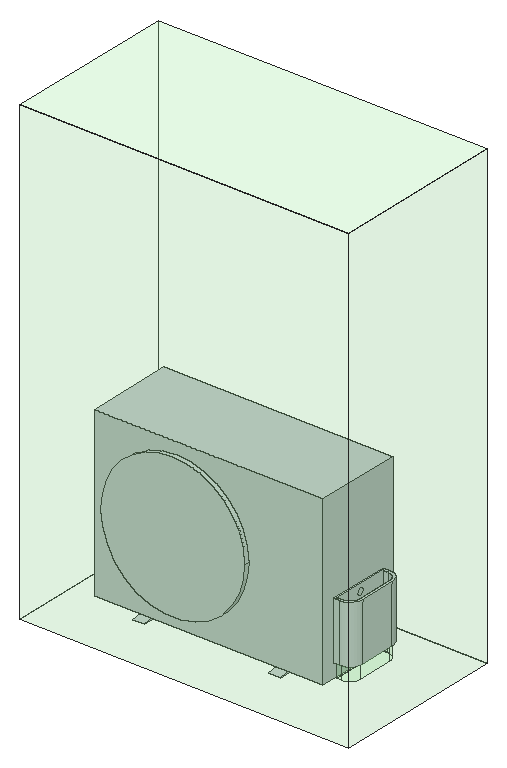
Revit family "BC_Hitachi_RAS2-2.5-HVNP1_LOD200", category Equipement de génie climatique, Revit 2016
Family settings
  Type d'élément = Normal
  Cote de connecteur circulaire = Utiliser le diamètre
  Numéro OmniClass = 23.75.00.00
  Titre OmniClass = Climate Control (HVAC)
  Basée sur le plan de construction = Non
  Toujours verticalement = Oui
  Couper avec des vides une fois chargée = Non
  Partagée = Non
  Point de calcul de pièce = Non
Parameters (values of type "RAS-2.5HVNP1")
  Sound power at rated load (dB(A)) = 63
  Product Code = "60288616"
  Overall Width = 792.00 mm
  Overall Height = 600.00 mm
  Overall Depth = 300.00 mm
  Number of Poles = "1"
  Nominal heating power input = 1.3 kW
  Nominal cooling power input = 1.22 kW
  Nominal Voltage = 230 V
  Nominal Current = 14 A
  Modèle = "Outdoor Unit - IVX Premium"
  Minimum AC Voltage = 207 V
  Maximum Input Power = 3.6 kW
  Maximum AC Voltage = 253 V
  Mass = 41.00 kg
  Liquid Diameter = 6.35 mm
  Heating Capacity = 6.3 kW
  Gas Diameter = 12.70 mm
  Frequency = 50 Hz
  Fan diameter = 500.00 mm
  Energy Efficiency Ratio (EER) = 4.18
  Sound pressure level heating (dB(A)) = "47"
  Sound pressure level Night mode cooling (dB(A)) = "43"
  Sound pressure level cooling (dB(A)) = "45"
  Service space [instance] = yes
  Running current heating = 5.9 A
  Running current cooling = 5.9 A
  Refrigerant charge = 1.60 kg
  Refrigerant = "R410A"
  Recommended circuit breaker = 20 A
  Nominal heating capacity (min) = 2.2 kW
  Nominal heating capacity (max) = 8 kW
  Nominal cooling capacity (min) = 2.2 kW
  Nominal cooling capacity (max) = 6.3 kW
  Minimum Connected Capacity (%) = "90"
  Maximum Connected Capacity (%) = "110"
  Maximum Air Flow = 40600.0 L/min
  Height Liquid pipe = 111.00 mm
  Height Gas pipe = 172.00 mm
  Fabricant = "HITACHI"
  Description = "The CENTRIFUGE IVX solution has been created for integrate this outdoor group inside the building"
  Cooling Capacity = 5.6 kW
  Commentaires du type = "RAS HVNP"
  Coefficient Of Performance (COP) = 4.92
Types (2, lengths in mm): name | Sound power at rated load (dB(A)) | Product Code | Nominal heating power input | Nominal cooling power input | Nominal Current | Maximum Input Power | Heating Capacity | Energy Efficiency Ratio (EER) | Sound pressure level heating (dB(A)) | Sound pressure level Night mode cooling (dB(A)) | Sound pressure level cooling (dB(A)) | Running current heating | Running current cooling | Recommended circuit breaker | Nominal heating capacity (max) | Nominal cooling capacity (max) | Cooling Capacity | Coefficient Of Performance (COP)
  RAS-2HVNP1 | 62 | "60288615" | 1.13 kW | 1.17 kW | 12 A | 3.1 kW | 5.6 kW | 4.03 | "49" | "42" | "44" | 5.1 A | 5.3 A | 16 A | 7.1 kW | 5.6 kW | 5 kW | 4.68
  RAS-2.5HVNP1 | 63 | "60288616" | 1.3 kW | 1.22 kW | 14 A | 3.6 kW | 6.3 kW | 4.18 | "47" | "43" | "45" | 5.9 A | 5.9 A | 20 A | 8 kW | 6.3 kW | 5.6 kW | 4.92
Reference planes
  plane 1 "Centre (avant/arrière)": y = 0
  plane 2: z = 0
  plane 3 "Centre (gauche/droite)": x = 0
  plane 4 "Ar": y = 150
  plane 5 "Av": y = -150
  plane 6 "Haut": z = 600
  plane 7 "D": x = 396
  plane 8 "G": x = -396
  plane 9: y = 250
  plane 10: x = -496
  plane 11: x = 646
  plane 12: y = -350
  plane 13 "Service space hight": z = 1600
  plane 14: z = 21
  plane 15: z = 580
  plane 16: z = 41
Forms (mm)
  Extrusion 1, solid, material "Service space walls in 4 directions", visible <- "Service space"
    sketch origin (0, 0, 0) x (1, 0, 0) y (0, 1, 0)
      loop
        line (-496, 250) -> (-496, -350) -> (646, -350) -> (646, 250) -> (-496, 250)
    from 0 to 1600
  Extrusion 2, solid
    sketch origin (0, 0, 0) x (1, 0, 0) y (0, 1, 0)
      loop
        line (-396, 150) -> (-396, -150) -> (396, -150) -> (396, 150) -> (-396, 150)
    from 21 to 600
  Sweep 3, solid
    path origin (115, -150, 0) x (1, 0, 0) y (0, 0, 1)
      loop
        line (-371, 21) -> (-331, 21)
    profile origin (-236, -150, 21) x (0, 0, 1) y (0, -1, 0)
      loop
        line (0, -150) -> (-21, 10.282) -> (-21, -150) -> (0, -150)
  Sweep 4, solid
    path origin (115, 150, 0) x (1, 0, 0) y (0, 0, -1)
      loop
        line (-371, -21) -> (-331, -21)
    profile origin (-236, 150, 21) x (0, 0, -1) y (0, 1, 0)
      loop
        line (0, -150) -> (21, -150) -> (21, 10.282) -> (0, -150)
  Sweep 5, solid
    path origin (-115, -150, 0) x (-1, 0, 0) y (0, 0, 1)
      loop
        line (-371, 21) -> (-331, 21)
    profile origin (236, -150, 21) x (0, 0, -1) y (0, -1, 0)
      loop
        line (0, -150) -> (21, -150) -> (21, 10.282) -> (0, -150)
  Sweep 6, solid
    path origin (-115, 150, 0) x (-1, 0, 0) y (0, 0, 1)
      loop
        line (-371, 21) -> (-331, 21)
    profile origin (236, 150, 21) x (0, 0, 1) y (0, 1, 0)
      loop
        line (0, -150) -> (-21, 10.282) -> (-21, -150) -> (0, -150)
  Sweep 7, solid
    path origin (396, 0, 0) x (0, 1, 0) y (0, 0, 1)
      loop
        line (0, 273) -> (0, 73)
    profile origin (396, 0, 173) x (-1, 0, 0) y (0, -1, 0)
      loop
        line (0, 108) -> (-24, 108)
        arc (-24, 108) -> (-55.82, 94.82) -> (-69, 63) r 45
        line (-69, 63) -> (-69, -63)
        arc (-69, -63) -> (-55.82, -94.82) -> (-24, -108) r 45
        line (-24, -108) -> (0, -108) -> (0, 108)
  Extrusion 8, void
    sketch origin (396, 0, 273) x (-1, 0, 0) y (0, 1, 0)
      loop
        line (-8, 100) -> (-24, 100)
        arc (-24, 100) -> (-50.163, 89.163) -> (-61, 63) r 37
        line (-61, 63) -> (-61, -63)
        arc (-61, -63) -> (-50.163, -89.163) -> (-24, -100) r 37
        line (-24, -100) -> (-8, -100) -> (-8, 100)
    from 0 to 252
  Extrusion 9, solid
    sketch origin (404, 108, 273) x (0, -1, 0) y (0, 0, -1)
      loop
        circle (108, 80) r 6.35
      loop
        circle (108, 141) r 3.175
    from 0 to 22
  Extrusion 10, solid
    sketch origin (0, 0, 0) x (1, 0, 0) y (0, 0, 1)
      loop
        circle (426, 193) r 6.35
      loop
        circle (426, 132) r 3.175
    from 0 to 20
  Extrusion 11, solid
    sketch origin (404, 108, 273) x (0, -1, 0) y (0, 0, -1)
      loop
        circle (108, 23.117) r 10
    from 0 to 1
  Extrusion 12, solid
    sketch origin (0, -150, 0) x (1, 0, 0) y (0, 0, 1)
      loop
        circle (-113.067, 309.751) r 250
    from 0 to 15
Cuts and joins
  joined: Sweep 3, Sweep 4
  joined: Sweep 5, Sweep 6
  Extrusion 8 cuts Extrusion 2
  Extrusion 8 cuts Sweep 7
  joined: Extrusion 2, Sweep 7
  Extrusion 8 cuts Extrusion 1
  joined: Extrusion 9, Extrusion 10
Lines and regions (mm)
  model lines, style "InvisibleLines"
    curve 1: line (396, 0, 600) -> (396, 0, 21)
    curve 2: line (396, -62.748, 600) -> (396, 57.252, 600)
  model lines, style "MechanicalEquipment"
    curve 3: circle (404, 0, 249.883) r 10 normal (1, 0, 0)
  model lines
    curve 4: line (-374.995, -150, 580.629) -> (165.005, -150, 580.629)
    curve 5: line (-374.995, -150, 41) -> (-374.995, -150, 580.629)
    curve 6: line (165.005, -150, 41) -> (-374.995, -150, 41)
    curve 7: line (165.005, -150, 580.629) -> (165.005, -150, 41)
Dimensions and locks
  equal spacing: plane 4 "Ar", plane 1 "Centre (avant/arrière)", plane 5 "Av"
  "Overall Depth": plane 4 "Ar" to plane 5 "Av"
  "Overall Height": plane 2 to plane 6 "Haut"
  "Overall Width": plane 8 "G" to plane 7 "D"
  locked: plane 9 to plane 4 "Ar" at 100
  locked: plane 10 to plane 8 "G" at 100
  locked: plane 12 to plane 5 "Av" at 200
  locked: plane 7 "D" to plane 11 at 250
  locked: plane 13 "Service space hight" to plane 6 "Haut" at 1000
  equal spacing: plane 8 "G", plane 3 "Centre (gauche/droite)", plane 7 "D"
  locked: plane 14 to plane 2 at 21
  locked: plane 7 "D" to Extrusion 8 sketch curve at 8
  "Height Liquid pipe": Extrusion 9 sketch curve to plane 14
  "Height Gas pipe": Extrusion 9 sketch curve to plane 14
  locked: plane 6 "Haut" to plane 15 at 20
  locked: plane 16 to plane 14 at 20
  "Gas Diameter": diameter of Extrusion 9 sketch curve
  "Liquid Diameter": diameter of Extrusion 9 sketch curve
  "Gas Diameter": diameter of Extrusion 10 sketch curve
  "Liquid Diameter": diameter of Extrusion 10 sketch curve
  "Fan diameter": diameter of Extrusion 12 sketch curve
  aligned and locked: level to plane 2
  aligned and locked: Extrusion 1 sketch curve to plane 9
  aligned and locked: plane 10 to Extrusion 1 sketch curve
  aligned and locked: Extrusion 1 sketch curve to plane 12
  aligned and locked: plane 11 to Extrusion 1 sketch curve
  aligned and locked: plane 13 "Service space hight" to Extrusion 1
  aligned and locked: Extrusion 2 sketch curve to plane 4 "Ar"
  aligned and locked: plane 8 "G" to Extrusion 2 sketch curve
  aligned and locked: Extrusion 2 sketch curve to plane 5 "Av"
  aligned and locked: plane 7 "D" to Extrusion 2 sketch curve
  aligned and locked: plane 6 "Haut" to Extrusion 2
  aligned and locked: Extrusion 2 to plane 14
  aligned and locked: plane 2 to Sweep 3 sketch curve
  aligned and locked: plane 1 "Centre (avant/arrière)" to curve 1
  aligned and locked: Extrusion 8 to plane 14
  aligned and locked: plane 16 to curve 6
Automatic sketch dimensions
  Sweep 3 sketch curve to plane 14 = 0.00 mm
  plane 8 "G" to Sweep 3 sketch curve = 140.00 mm
  Sweep 3 sketch curve to Sweep 3 sketch curve = 40.00 mm
  profile plane to Sweep 3 sketch curve = 0.00 mm
  Sweep 3 sketch curve to plane 5 "Av" = 150.00 mm
  plane 5 "Av" to Sweep 3 sketch curve = 10.282 mm
  Sweep 4 sketch curve to plane 14 = 0.00 mm
  plane 8 "G" to Sweep 4 sketch curve = 140.00 mm
  Sweep 4 sketch curve to Sweep 4 sketch curve = 40.00 mm
  Sweep 4 sketch curve to profile plane = 0.00 mm
  Sweep 4 sketch curve to profile plane = 21.00 mm
  Sweep 4 sketch curve to profile plane = 150.00 mm
  profile plane to Sweep 4 sketch curve = 10.282 mm
  Sweep 5 sketch curve to plane 14 = 0.00 mm
  Sweep 5 sketch curve to plane 7 "D" = 140.00 mm
  Sweep 5 sketch curve to Sweep 5 sketch curve = 40.00 mm
  Sweep 5 sketch curve to profile plane = 0.00 mm
  Sweep 5 sketch curve to profile plane = 21.00 mm
  Sweep 5 sketch curve to plane 5 "Av" = 150.00 mm
  plane 5 "Av" to Sweep 5 sketch curve = 10.282 mm
  Sweep 6 sketch curve to plane 14 = 0.00 mm
  plane 7 "D" to Sweep 6 sketch curve = 140.00 mm
  Sweep 6 sketch curve to Sweep 6 sketch curve = 40.00 mm
  profile plane to Sweep 6 sketch curve = 0.00 mm
  Sweep 6 sketch curve to Sweep 6 sketch curve = 21.00 mm
  Sweep 6 sketch curve to profile plane = 150.00 mm
  profile plane to Sweep 6 sketch curve = 10.282 mm
  curve 1 to plane 14 = 0.00 mm
  curve 1 to plane 6 "Haut" = 0.00 mm
  curve 2 to plane 7 "D" = 0.00 mm
  plane 1 "Centre (avant/arrière)" to curve 2 = 62.748 mm
  curve 2 to plane 1 "Centre (avant/arrière)" = 57.252 mm
  Sweep 7 sketch curve to plane 1 "Centre (avant/arrière)" = 0.00 mm
  Sweep 7 sketch curve to plane 14 = 52.00 mm
  Sweep 7 sketch curve to Sweep 7 sketch curve = 200.00 mm
  Sweep 7 sketch curve to plane 7 "D" = 0.00 mm
  Sweep 7 sketch curve to plane 7 "D" = 24.00 mm  (x2)
  Sweep 7 sketch curve to Sweep 7 sketch curve = 45.00 mm
  profile plane to Sweep 7 sketch curve = 108.00 mm
  Sweep 7 sketch curve to profile plane = 63.00 mm
  Extrusion 8 sketch curve to Sweep 7 = 8.00 mm  (x2)
  Extrusion 8 sketch curve to Sweep 7 = 24.00 mm  (x2)
  Extrusion 8 sketch curve to Sweep 7 = 45.00 mm
  Extrusion 8 to curve 3 = 23.117 mm
  curve 3 to Extrusion 8 = 100.00 mm
  Extrusion 8 to Extrusion 11 sketch curve = 23.117 mm
  Extrusion 11 sketch curve to Extrusion 8 = 100.00 mm
  plane 8 "G" to curve 6 = 21.005 mm
  plane 3 "Centre (gauche/droite)" to curve 6 = 165.005 mm
  curve 5 to plane 6 "Haut" = 19.371 mm
  Extrusion 9 sketch curve to Extrusion 8 = 100.00 mm
  Extrusion 9 sketch curve to Extrusion 9 sketch curve = 0.00 mm
  Extrusion 10 sketch curve to plane 7 "D" = 30.00 mm  (x2)
  plane 16 to Extrusion 10 sketch curve = 91.00 mm
  Extrusion 10 sketch curve to Extrusion 10 sketch curve = 61.00 mm
  Extrusion 12 sketch curve to plane 3 "Centre (gauche/droite)" = 113.067 mm
  plane 16 to Extrusion 12 sketch curve = 268.751 mm
  radius of curve 3 = 10.00 mm
  radius of Extrusion 11 sketch curve = 10.00 mm
Connectors
  piping at (426, -20, 193), diameter 12.7, driven by "Gas Diameter"
    settings: on cut or joined group of Extrusion 9, Extrusion 10, index 1, connector inside diameter 609.6 mm, connector length 0.00 mm, flow factor 0, pipe flow 0.0 L/s, pressure drop 0.0 Pa, fitting loss kfactor 0, connector angle 0.00°, fixture units 0, engagement length 0.00 mm, angle of deflection 0.00°, flow configuration 0, flow direction 0, fitting loss method 0, system type 29, joint type 0, gender type 0, connector reference index -1, connector utility 0, adjustable connector no, is connector primary yes, connector description ""
  piping at (426, -20, 132), diameter 6.35, driven by "Liquid Diameter"
    settings: on cut or joined group of Extrusion 9, Extrusion 10, index 2, connector inside diameter 609.6 mm, connector length 0.00 mm, flow factor 0, pipe flow 0.0 L/s, pressure drop 0.0 Pa, fitting loss kfactor 0, connector angle 0.00°, fixture units 0, engagement length 0.00 mm, angle of deflection 0.00°, flow configuration 0, flow direction 2, fitting loss method 0, system type 16, joint type 0, gender type 0, connector reference index -1, connector utility 0, adjustable connector no, is connector primary no, connector description ""
  electrical at (405, 0, 249.883), driven by "Nominal Voltage"
    settings: on Extrusion 11, index 3, voltage 230 V, apparent load 0 VA, apparent load phase1 0 VA, apparent load phase2 0 VA, apparent load phase3 0 VA, power factor 1, load classification "Autre", number of poles 1, system type 30, power factor state 1, is connector primary yes, connector utility no, sub classification motor no, connector description ""
